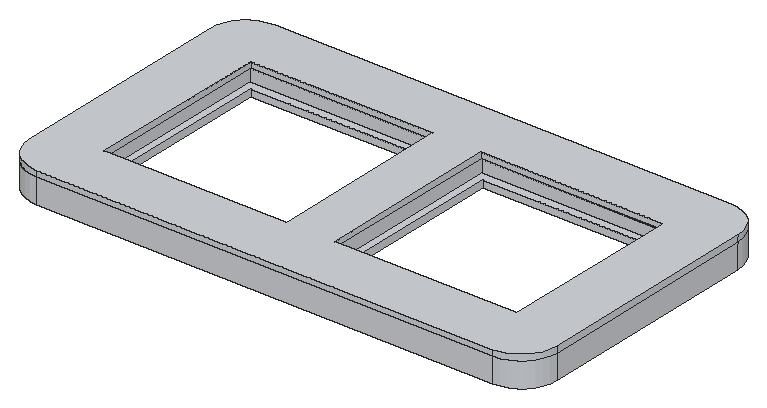
Revit family "Gira_0212427", category Electrical Fixtures, host Face, Revit 2017
Family settings
  Host = Face
  Maintain Annotation Orientation = No
  Round Connector Dimension = Use Diameter
  Part Type = Normal
  Cut with Voids When Loaded = No
  Shared = No
  Room Calculation Point = No
Parameters (values of type "Abdeckrahmen 2f Gira E3 Sand/Anthrazit")
  Werkstoffgüte = "sonstige"
  Werkstoff = "sonstige"
  URL = "http://katalog.gira.de/de_DE/datenblatt.html?artikelnr=0212427"
  Transparent = "No"
  Textfeld/Beschriftungsfläche = "No"
  Schutzart (IP) = "IP20"
  Region = "DE"
  Oberfläche = "sonstige"
  Name = "Abdeckrahmen 2f Gira E3 Sand/Anthrazit"
  Montagerichtung = "horizontal und vertikal"
  Mit Montagerahmen = "No"
  Mit Klappdeckel = "No"
  Manufacturer URL = "https://www.gira.de/"
  Keynote = "E3_Rahmen_2fach"
  HeinzeBIM = "https://bimportal.heinze.de/bim/abdeckrahmen-2f-gira-e3-sand-anthrazit/8fce7f568b49db9c642cf861f2779581520800b2"
  Halogenfrei = "No"
  HAN = "0212427"
  Geeignet für Unterputz-Installation = "Yes"
  Geeignet für Unterflurkanaldose = "No"
  Geeignet für Geräteeinbaukanal = "No"
  Geeignet für Einbauinstallation = "No"
  GTIN = "4010337024583"
  Farbe = "sonstige"
  Default Elevation = 1219.2 mm
  Data sheet (1) = "https://katalog.gira.de/de_DE/download.html?artikelnr=0212427"
  Category = "Abdeckrahmen"
  Befestigungsart = "Klemmbefestigung"
  Available = "Yes"
  Anzahl der Einheiten vertikal = "2 "
  Anzahl der Einheiten horizontal = "2 "
  Anzahl der Einheiten = "2 "
Reference planes
  plane 1 "Center (Front/Back)": y = 0
  plane 2: z = 0
  plane 3 "Center (Left/Right)": x = 0
Forms (mm)
  Extrusion 1, solid, detail levels fine
    sketch origin (0, 0, 0) x (1, 0, 0) y (0, 1, 0)
      loop
        arc (-70.35, 45.809) -> (-78.134, 42.585) -> (-81.359, 34.8) r 11.009
        line (-81.359, 34.8) -> (-81.359, -34.8)
        arc (-81.359, -34.8) -> (-78.134, -42.585) -> (-70.35, -45.809) r 11.009
        line (-70.35, -45.809) -> (70.35, -45.809)
        arc (70.35, -45.809) -> (78.135, -42.585) -> (81.359, -34.8) r 11.009
        line (81.359, -34.8) -> (81.359, 34.8)
        arc (81.359, 34.8) -> (78.135, 42.585) -> (70.35, 45.809) r 11.009
        line (70.35, 45.809) -> (-70.35, 45.809)
      loop
        line (-7.45, 28.187) -> (-63.706, 28.187) -> (-63.706, -28.187) -> (-7.45, -28.187) -> (-7.45, 28.187)
      loop
        line (7.45, 28.187) -> (7.45, -28.187) -> (63.706, -28.187) -> (63.706, 28.187) -> (7.45, 28.187)
    from 7.65 to 9.5
  Extrusion 2, solid, detail levels fine
    sketch origin (-35.75, 0, 0) x (1, 0, 0) y (0, 1, 0)
      loop
        line (25.7, 25.7) -> (-25.7, 25.7) -> (-25.7, -25.7) -> (25.7, -25.7) -> (25.7, 25.7)
      loop
        line (-28.187, -28.156) -> (28.187, -28.156) -> (28.187, 28.156) -> (-28.187, 28.156) -> (-28.187, -28.156)
    from 1.65 to 3.9
  Extrusion 3, solid, detail levels fine
    sketch origin (0, 0, 0) x (1, 0, 0) y (0, 1, 0)
      loop
        arc (-70.35, 45.809) -> (-78.134, 42.585) -> (-81.359, 34.8) r 11.009
        line (-81.359, 34.8) -> (-81.359, -34.8)
        arc (-81.359, -34.8) -> (-78.134, -42.585) -> (-70.35, -45.809) r 11.009
        line (-70.35, -45.809) -> (70.35, -45.809)
        arc (70.35, -45.809) -> (78.135, -42.585) -> (81.359, -34.8) r 11.009
        line (81.359, -34.8) -> (81.359, 34.8)
        arc (81.359, 34.8) -> (78.135, 42.585) -> (70.35, 45.809) r 11.009
        line (70.35, 45.809) -> (-70.35, 45.809)
      loop
        line (-79.393, 34.785) -> (-79.393, -34.785)
        arc (-79.393, -34.785) -> (-76.739, -41.19) -> (-70.334, -43.843) r 9.058
        line (-70.334, -43.843) -> (70.335, -43.843)
        arc (70.335, -43.843) -> (76.74, -41.19) -> (79.393, -34.785) r 9.058
        line (79.393, -34.785) -> (79.393, 34.785)
        arc (79.393, 34.785) -> (76.74, 41.19) -> (70.335, 43.843) r 9.058
        line (70.335, 43.843) -> (-70.334, 43.843)
        arc (-70.334, 43.843) -> (-76.739, 41.19) -> (-79.393, 34.785) r 9.058
    from 0 to 7.65
  Extrusion 4, solid, detail levels fine
    sketch origin (0, 0, 0) x (1, 0, 0) y (0, 1, 0)
      loop
        line (-62.956, -31.075) -> (62.956, -31.075)
        arc (62.956, -31.075) -> (65.599, -29.98) -> (66.694, -27.337) r 3.739
        line (66.694, -27.337) -> (66.694, 27.337)
        arc (66.694, 27.337) -> (65.599, 29.98) -> (62.956, 31.075) r 3.739
        line (62.956, 31.075) -> (-62.956, 31.075)
        arc (-62.956, 31.075) -> (-65.599, 29.98) -> (-66.694, 27.337) r 3.739
        line (-66.694, 27.337) -> (-66.694, -27.337)
        arc (-66.694, -27.337) -> (-65.599, -29.98) -> (-62.956, -31.075) r 3.739
      loop
        line (-65.544, 27.537) -> (-65.544, -27.537)
        arc (-65.544, -27.537) -> (-64.845, -29.226) -> (-63.156, -29.925) r 2.389
        line (-63.156, -29.925) -> (63.156, -29.925)
        arc (63.156, -29.925) -> (64.845, -29.226) -> (65.544, -27.537) r 2.389
        line (65.544, -27.537) -> (65.544, 27.537)
        arc (65.544, 27.537) -> (64.845, 29.226) -> (63.156, 29.925) r 2.389
        line (63.156, 29.925) -> (-63.156, 29.925)
        arc (-63.156, 29.925) -> (-64.845, 29.226) -> (-65.544, 27.537) r 2.389
    from 1.65 to 7.65
  Extrusion 5, solid, detail levels fine
    sketch origin (0, 0, 0) x (1, 0, 0) y (0, 1, 0)
      loop
        line (-67.617, -39.8) -> (67.617, -39.8)
        arc (67.617, -39.8) -> (73.232, -36.708) -> (75.464, -30.7) r 9.2
        line (75.464, -30.7) -> (75.464, 30.7)
        arc (75.464, 30.7) -> (72.77, 37.205) -> (66.264, 39.9) r 9.2
        line (66.264, 39.9) -> (-66.264, 39.9)
        arc (-66.264, 39.9) -> (-72.77, 37.205) -> (-75.464, 30.7) r 9.2
        line (-75.464, 30.7) -> (-75.464, -30.7)
        arc (-75.464, -30.7) -> (-73.232, -36.708) -> (-67.617, -39.8) r 9.2
      loop
        line (-66.264, -31.7) -> (66.264, -31.7)
        arc (66.264, -31.7) -> (66.972, -31.407) -> (67.264, -30.7) r 1
        line (67.264, -30.7) -> (67.264, 30.7)
        arc (67.264, 30.7) -> (66.972, 31.407) -> (66.264, 31.7) r 1
        line (66.264, 31.7) -> (-66.264, 31.7)
        arc (-66.264, 31.7) -> (-66.972, 31.407) -> (-67.264, 30.7) r 1
        line (-67.264, 30.7) -> (-67.264, -30.7)
        arc (-67.264, -30.7) -> (-66.972, -31.407) -> (-66.264, -31.7) r 1
    from 1.65 to 3.9
  Extrusion 6, solid, detail levels fine
    sketch origin (-35.75, 0, 0) x (1, 0, 0) y (0, 1, 0)
      loop
        line (-28.187, 28.156) -> (-28.187, -28.156) -> (28.187, -28.156) -> (28.187, 28.156) -> (-28.187, 28.156)
      loop
        line (-29.925, 29.925) -> (-29.925, -29.925) -> (29.925, -29.925) -> (29.925, 29.925) -> (-29.925, 29.925)
    from 1.65 to 7.65
  Extrusion 7, solid, detail levels coarse+medium
    sketch origin (0, 0, 0) x (1, 0, 0) y (0, 1, 0)
      loop
        line (-81.359, 45.809) -> (-81.359, -45.809) -> (81.359, -45.809) -> (81.359, 45.809) -> (-81.359, 45.809)
    from 0 to 9.5
  Extrusion 8, solid, detail levels fine
    sketch origin (35.75, 0, 0) x (-1, 0, 0) y (0, -1, 0)
      loop
        line (25.7, -25.7) -> (25.7, 25.7) -> (-25.7, 25.7) -> (-25.7, -25.7) -> (25.7, -25.7)
      loop
        line (-28.187, 28.156) -> (-28.187, -28.156) -> (28.187, -28.156) -> (28.187, 28.156) -> (-28.187, 28.156)
    from 1.65 to 3.9
  Extrusion 9, solid, detail levels fine
    sketch origin (35.75, 0, 0) x (-1, 0, 0) y (0, -1, 0)
      loop
        line (-28.187, -28.156) -> (28.187, -28.156) -> (28.187, 28.156) -> (-28.187, 28.156) -> (-28.187, -28.156)
      loop
        line (-29.925, -29.925) -> (29.925, -29.925) -> (29.925, 29.925) -> (-29.925, 29.925) -> (-29.925, -29.925)
    from 1.65 to 7.65
Dimensions and locks
  aligned and locked: plane 2 to host face
  aligned and locked: level to host face
